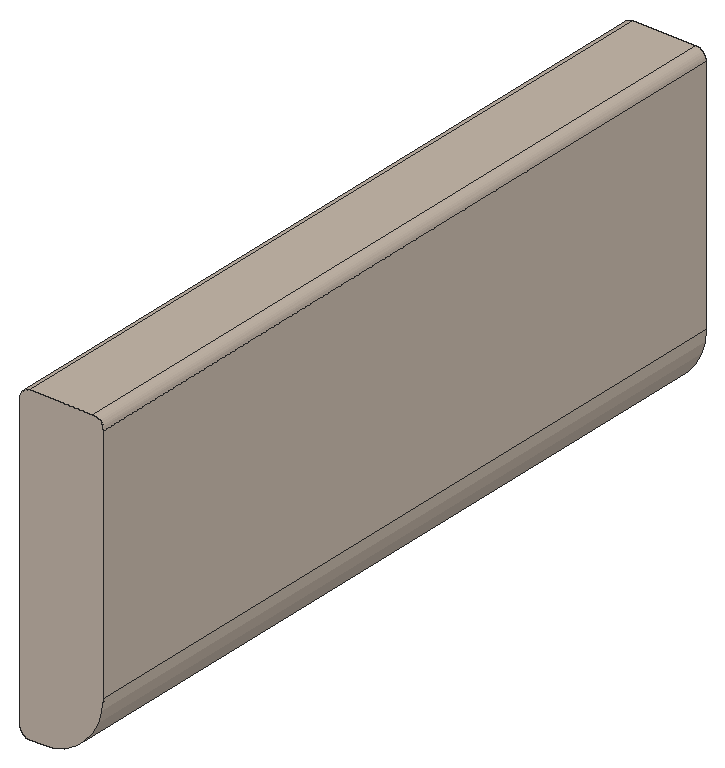
Revit family "FU_Seat_LAPSE 0300BI", category Furniture, Revit 2022
Family settings
  OmniClass Number = 23.40.20.00
  OmniClass Title = General Furniture and Specialties
  Work Plane-Based = No
  Always vertical = Yes
  Cut with Voids When Loaded = No
  Render Appearance Source = Family Geometry
  Shared = No
  Room Calculation Point = No
Parameters (values of type "LAP0300BI")
  Width = 80 mm
  URL = "https://www.sandlerseating.com/product/lapse-0300bi-2/"
  Seat [instance] = Fabric - Gravity - Wheat CPC21
  Model = "LAP0300BI"
  Manufacturer = "Sandler"
  Height = 300 mm
  Description = "Upholstered left armrest for the Lapse modular seating range."
  Depth = 720 mm
  Default Elevation = 0 mm
Reference planes
  plane 1 "Center (Front/Back)": y = 0
  plane 2: z = 0
  plane 3 "Center (Left/Right)": x = 0
  plane 4 "Right": x = -40
  plane 5 "Left": x = 40
  plane 6 "Back": y = 360
  plane 7 "Front": y = -360
  plane 8 "Height": z = 633
  plane 9 "Seat height": z = 333
Forms (mm)
  Extrusion 1, solid, material "Fabric - Gravity - Wheat CPC21" <- "Seat"
    sketch origin (0, 0, 0) x (-1, 0, 0) y (0, 0, -1)
      loop
        line (30, -333) -> (20, -333)
        arc (20, -333) -> (-22.426, -350.574) -> (-40, -393) r 60
        line (-40, -393) -> (-40, -623)
        arc (-40, -623) -> (-37.071, -630.071) -> (-30, -633) r 10
        line (-30, -633) -> (30, -633)
        arc (30, -633) -> (37.071, -630.071) -> (40, -623) r 10
        line (40, -623) -> (40, -343)
        arc (40, -343) -> (37.071, -335.929) -> (30, -333) r 10
    from -360 to 360
Dimensions and locks
  equal spacing: plane 4 "Right", plane 3 "Center (Left/Right)", plane 5 "Left"
  "Width": plane 4 "Right" to plane 5 "Left"
  equal spacing: plane 6 "Back", plane 1 "Center (Front/Back)", plane 7 "Front"
  "Depth": plane 6 "Back" to plane 7 "Front"
  plane 8 "Height" to level = 633 mm
  plane 9 "Seat height" to level = 333 mm
  "Height": plane 8 "Height" to plane 9 "Seat height"
  aligned and locked: level to plane 2
Automatic sketch dimensions
  Extrusion 1 sketch curve to plane 8 "Height" = 0 mm
  Extrusion 1 sketch curve to plane 9 "Seat height" = 0 mm
  plane 5 "Left" to Extrusion 1 sketch curve = 80 mm
  plane 5 "Left" to Extrusion 1 sketch curve = 70 mm  (x2)
  Extrusion 1 sketch curve to Extrusion 1 sketch curve = 10 mm
  Extrusion 1 sketch curve to Extrusion 1 sketch curve = 60 mm  (x2)
